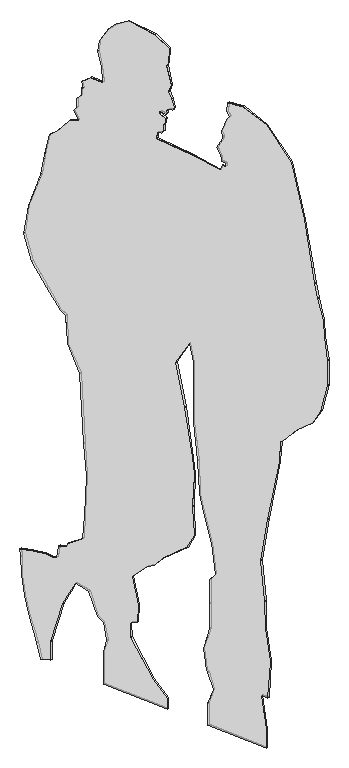
Revit family "Flat Couple 01", category Entourage, Revit 2015
Parameters
  Linework [instance] = yes
  Height = 0 mm
  Flat Material [instance] = none
Reference planes
  plane 1 "Center (Front/Back)": y = 0
  plane 2: z = 0
  plane 3 "Center (Left/Right)": x = 0
  plane 4: z = 1600
Forms (mm)
  Extrusion 1, solid, material <- "Flat Material"
    sketch origin (0, 0, 0) x (1, 0, 0) y (0, 0, 1)
      loop
        line (-331.729, -0.488) -> (-303.38, 7.952) -> (-303.38, 57.952) -> (-268.817, 167.635) -> (-248.619, 204.242) -> (-233.065, 232.434) -> (-193.519, 224.972) -> (-169.719, 169.24) -> (-151.437, 159.153) -> (-141.168, 117.587) -> (-151.437, 85) -> (-151.437, 0) -> (32.272, 0) -> (32.272, 27.174) -> (-7.72, 62.208) -> (-72.531, 148.94) -> (-74.142, 183.644) -> (-53.275, 193.518) -> (-51.136, 237.951) -> (-68.222, 307.113) -> (-27.739, 345.056) -> (-4.566, 357.767) -> (17.671, 383.151) -> (89.63, 436.924) -> (110.916, 475.504) -> (106.29, 549.828) -> (110.243, 634.502) -> (104.956, 675.298) -> (83.364, 798.419) -> (57.537, 905.344) -> (96.679, 969.32) -> (108.055, 922.223) -> (108.055, 767.223) -> (121.152, 675.298) -> (125.709, 589.38) -> (136.502, 544.696) -> (160.205, 473.784) -> (172.219, 398.225) -> (155.618, 379.289) -> (155.664, 317.276) -> (155.382, 251.429) -> (136.961, 192.971) -> (145.757, 140.674) -> (150, 136.432) -> (166.001, 98.962) -> (150, 55) -> (150, 0) -> (318.593, 0) -> (318.593, 46.824) -> (303.649, 130.5) -> (323.649, 130.5) -> (330.981, 229.064) -> (316.63, 309.418) -> (314.37, 378.476) -> (303.364, 480.774) -> (323.447, 593.565) -> (355.651, 753.093) -> (360.513, 807.17) -> (365.678, 809.413) -> (407.212, 852.862) -> (452.182, 886.404) -> (476.625, 926.357) -> (496.116, 999.908) -> (496.398, 1065.755) -> (486.713, 1120.983) -> (482.514, 1164.524) -> (467.48, 1215.158) -> (458.496, 1251.347) -> (429.006, 1404.584) -> (390.506, 1540.497) -> (318.194, 1611.597) -> (250.949, 1635.69) -> (207.522, 1629.992) -> (204.269, 1604.968) -> (213.145, 1596.092) -> (202.567, 1585.514) -> (188.644, 1548.016) -> (193.651, 1538.418) -> (193.651, 1533.374) -> (176.151, 1503.064) -> (179.376, 1493.134) -> (186.03, 1489.729) -> (186.03, 1483.612) -> (188.644, 1483.612) -> (188.644, 1471.839) -> (201.332, 1471.839) -> (201.332, 1463.523) -> (191.332, 1463.523) -> (185.818, 1448.673) -> (101.926, 1459.486) -> (2.17, 1466.462) -> (4.268, 1482.599) -> (15.436, 1483.335) -> (22.544, 1492.134) -> (22.772, 1507.699) -> (27.722, 1516.959) -> (28.962, 1526.582) -> (11.293, 1534.419) -> (11.25, 1539.447) -> (28.387, 1537.437) -> (33.023, 1541.307) -> (31.283, 1548.834) -> (37.121, 1552.236) -> (48.828, 1555.208) -> (52.95, 1563.264) -> (46.435, 1583.321) -> (37.734, 1600) -> (44.114, 1617.181) -> (31.621, 1664.773) -> (35.049, 1671.326) -> (39.13, 1711.117) -> (-3.438, 1733.384) -> (-78.926, 1741.126) -> (-113.115, 1721.084) -> (-137.236, 1699.571) -> (-163.365, 1660.681) -> (-167.304, 1630.958) -> (-157.317, 1596.683) -> (-152.974, 1556.909) -> (-187.61, 1556.909) -> (-215.845, 1536.226) -> (-209.978, 1519.679) -> (-215.982, 1519.679) -> (-215.982, 1501.285) -> (-228.515, 1488.753) -> (-228.515, 1463.753) -> (-239.121, 1453.146) -> (-224.348, 1432.978) -> (-249.357, 1424.111) -> (-282.908, 1385.159) -> (-308.37, 1366.507) -> (-318.421, 1323.324) -> (-331.729, 1254.853) -> (-367.813, 1161.527) -> (-381.41, 1084.674) -> (-358.247, 1021.18) -> (-315.431, 969.584) -> (-276.136, 923.825) -> (-260.42, 915.255) -> (-256.179, 843.065) -> (-219.46, 780.47) -> (-208.061, 603.319) -> (-201.005, 519.217) -> (-206.851, 417.647) -> (-211.471, 356.439) -> (-254.995, 328.223) -> (-258.691, 317.723) -> (-280.199, 313.951) -> (-286.407, 281.052) -> (-295.872, 277.064) -> (-320.131, 279.255) -> (-356.592, 273.08) -> (-392.931, 266.548) -> (-389.881, 245.623) -> (-388.175, 199.546) -> (-379.38, 150.536) -> (-368.59, 106.213) -> (-344.096, 41.054) -> (-331.729, -0.488)
    from -2.5 to 2.5
Lines and regions (mm)
  model lines
    curve 1: line (0, 150, 0) -> (0, -150, 0)
    curve 2: line (-150, 0, 0) -> (150, 0, 0)
Dimensions and locks
  aligned and locked: level to plane 2
